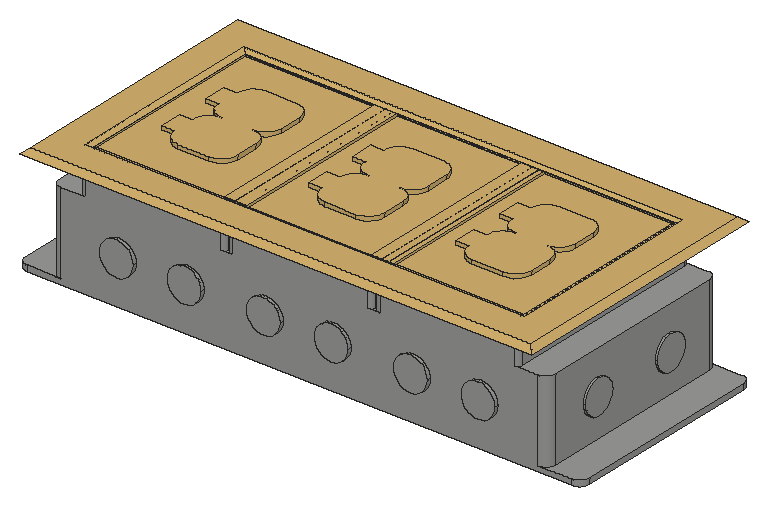
Revit family "Electrical_Equipment-Floor_Box-Hubbell_Wiring-3_Gang-Rectangular_Stamped_Steel-B2423", category Electrical Fixtures, host Face, Revit 2015 (continued)
Definition of nested family "Stamped Steel Concrete Floor Box"
  Automatic sketch dimensions
    plane 8 to Extrusion 13 sketch curve = 0' - 1.4965"
    Extrusion 13 sketch curve to Extrusion 13 sketch curve = 0' - 0.00173"
    Extrusion 13 sketch curve to Extrusion 13 sketch curve = 0' - 0.0018"
    Extrusion 13 sketch curve to Extrusion 13 sketch curve = 0' - 0.09957"
    plane 1 "Center (Front/Back)" to Extrusion 13 sketch curve = 0' - 2.33857"
    Extrusion 13 sketch curve to Extrusion 13 sketch curve = 0' - 0.15367"
    Extrusion 13 sketch curve to plane 1 "Center (Front/Back)" = 0' - 2.078"
    Extrusion 13 sketch curve to Extrusion 13 sketch curve = 0' - 0.15996"
    Extrusion 14 sketch curve to plane 8 = 0' - 1.60446"
    Extrusion 14 sketch curve to Extrusion 14 sketch curve = 0' - 0.1069"
    Extrusion 14 sketch curve to Extrusion 14 sketch curve = 0' - 0.10704"
    Extrusion 14 sketch curve to Extrusion 14 sketch curve = 0' - 0.00106"
    plane 8 to Extrusion 14 sketch curve = 0' - 1.4965"
    Extrusion 14 sketch curve to Extrusion 14 sketch curve = 0' - 0.00173"
    Extrusion 14 sketch curve to Extrusion 14 sketch curve = 0' - 0.0018"
    Extrusion 14 sketch curve to Extrusion 14 sketch curve = 0' - 0.09964"
    plane 1 "Center (Front/Back)" to Extrusion 14 sketch curve = 0' - 2.33857"
    Extrusion 14 sketch curve to Extrusion 14 sketch curve = 0' - 0.16093"
    Extrusion 14 sketch curve to plane 1 "Center (Front/Back)" = 0' - 2.078"
    Extrusion 14 sketch curve to Extrusion 14 sketch curve = 0' - 0.15996"
    Extrusion 15 sketch curve to plane 8 = 0' - 1.60446"
    Extrusion 15 sketch curve to Extrusion 15 sketch curve = 0' - 0.1069"
    Extrusion 15 sketch curve to Extrusion 15 sketch curve = 0' - 0.10704"
    Extrusion 15 sketch curve to Extrusion 15 sketch curve = 0' - 0.00106"
    plane 8 to Extrusion 15 sketch curve = 0' - 1.4965"
    Extrusion 15 sketch curve to Extrusion 15 sketch curve = 0' - 0.00173"
    Extrusion 15 sketch curve to Extrusion 15 sketch curve = 0' - 0.0018"
    Extrusion 15 sketch curve to Extrusion 15 sketch curve = 0' - 0.09964"
    plane 1 "Center (Front/Back)" to Extrusion 15 sketch curve = 0' - 2.33857"
    Extrusion 15 sketch curve to Extrusion 15 sketch curve = 0' - 0.15367"
    Extrusion 15 sketch curve to plane 1 "Center (Front/Back)" = 0' - 2.078"
    Extrusion 15 sketch curve to Extrusion 15 sketch curve = 0' - 0.15996"
    Extrusion 16 sketch curve to plane 8 = 0' - 0"
    Extrusion 16 sketch curve to plane 1 "Center (Front/Back)" = 0' - 1"
    Extrusion 17 sketch curve to plane 8 = 0' - 0"
    plane 1 "Center (Front/Back)" to Extrusion 17 sketch curve = 0' - 1"
    Extrusion 18 sketch curve to plane 9 = 0' - 0.00044"
    Extrusion 18 sketch curve to plane 1 "Center (Front/Back)" = 0' - 1"
    Extrusion 19 sketch curve to plane 9 = 0' - 0.00044"
    plane 1 "Center (Front/Back)" to Extrusion 19 sketch curve = 0' - 1"
    Extrusion 20 sketch curve to Extrusion 20 sketch curve = 0' - 0"
    Extrusion 20 sketch curve to plane 5 = 0' - 0"
    Extrusion 20 sketch curve to plane 8 = 0' - 1 1/8"
    Extrusion 21 sketch curve to Extrusion 21 sketch curve = 0' - 0"
    Extrusion 21 sketch curve to plane 5 = 0' - 0"
    Extrusion 21 sketch curve to plane 8 = 0' - 1 1/8"
    Extrusion 22 sketch curve to Extrusion 22 sketch curve = 0' - 0"
    Extrusion 22 sketch curve to plane 5 = 0' - 0"
    plane 8 to Extrusion 22 sketch curve = 0' - 1 1/8"
    Extrusion 23 sketch curve to Extrusion 23 sketch curve = 0' - 0"
    Extrusion 23 sketch curve to plane 5 = 0' - 0"
    plane 8 to Extrusion 23 sketch curve = 0' - 1 1/8"
    Extrusion 24 sketch curve to Extrusion 24 sketch curve = 0' - 0"
    Extrusion 24 sketch curve to plane 5 = 0' - 0"
    Extrusion 24 sketch curve to plane 9 = 0' - 1.12544"
    Extrusion 25 sketch curve to Extrusion 25 sketch curve = 0' - 0"
    Extrusion 25 sketch curve to plane 5 = 0' - 0"
    Extrusion 25 sketch curve to plane 9 = 0' - 1.12544"
    Extrusion 26 sketch curve to Extrusion 26 sketch curve = 0' - 0"
    Extrusion 26 sketch curve to plane 5 = 0' - 0"
    plane 9 to Extrusion 26 sketch curve = 0' - 1.12456"
    Extrusion 27 sketch curve to Extrusion 27 sketch curve = 0' - 0"
    Extrusion 27 sketch curve to plane 5 = 0' - 0"
    plane 9 to Extrusion 27 sketch curve = 0' - 1.12456"
    Extrusion 28 sketch curve to Extrusion 28 sketch curve = 0' - 0"
    Extrusion 28 sketch curve to plane 5 = 0' - 0"
    plane 3 "Center (Left/Right)" to Extrusion 28 sketch curve = 0' - 1.12544"
    Extrusion 29 sketch curve to Extrusion 29 sketch curve = 0' - 0"
    Extrusion 29 sketch curve to plane 5 = 0' - 0"
    plane 3 "Center (Left/Right)" to Extrusion 29 sketch curve = 0' - 1.12544"
    Extrusion 30 sketch curve to Extrusion 30 sketch curve = 0' - 0"
    Extrusion 30 sketch curve to plane 5 = 0' - 0"
    Extrusion 30 sketch curve to plane 3 "Center (Left/Right)" = 0' - 1.12456"
    Extrusion 31 sketch curve to Extrusion 31 sketch curve = 0' - 0"
    Extrusion 31 sketch curve to plane 5 = 0' - 0"
    Extrusion 31 sketch curve to plane 3 "Center (Left/Right)" = 0' - 1.12456"
    Extrusion 32 sketch curve to Extrusion 32 sketch curve = 0' - 0"
    Extrusion 32 sketch curve to plane 5 = 0' - 0"
    Extrusion 32 sketch curve to plane 1 "Center (Front/Back)" = 0' - 0 5/8"
    Extrusion 33 sketch curve to Extrusion 33 sketch curve = 0' - 0"
    Extrusion 33 sketch curve to plane 5 = 0' - 0"
    Extrusion 33 sketch curve to plane 1 "Center (Front/Back)" = 0' - 0 5/8"
    Extrusion 34 sketch curve to Extrusion 34 sketch curve = 0' - 0"
    Extrusion 34 sketch curve to plane 5 = 0' - 0"
    plane 1 "Center (Front/Back)" to Extrusion 34 sketch curve = 0' - 0 5/8"
    Extrusion 35 sketch curve to Extrusion 35 sketch curve = 0' - 0"
    Extrusion 35 sketch curve to plane 5 = 0' - 0"
    plane 1 "Center (Front/Back)" to Extrusion 35 sketch curve = 0' - 0 5/8"
Types (2): name | Right Cover Type | Model | Left Cover Type | Floor Box Type | Cover Accessory Type | Collar Material | Center Cover Type
  B2423 - 3 Gang - Brass Collar | Covers : S3825 - Duplex Flap - Brass | "B2423" | Covers : S3825 - Duplex Flap - Brass | Stamped Steel Concrete Floor Box : B2423 - Shallow Concrete Floor Box | Carpet Flange : SB3085 - Carpet Flange - Brass | Metal-Hubbell-Brass | Covers : S3825 - Duplex Flap - Brass
  BA2423 - 3 Gang - Aluminum Collar | Covers : SA3825 - Duplex Flap - Aluminum | "BA2423" | Covers : SA3825 - Duplex Flap - Aluminum | Stamped Steel Concrete Floor Box : BA2423 - Shallow Concrete Floor Box | Carpet Flange : SA3085 - Carpet Flange - Aluminum | Metal-Hubbell-Aluminum | Covers : SA3825 - Duplex Flap - Aluminum
